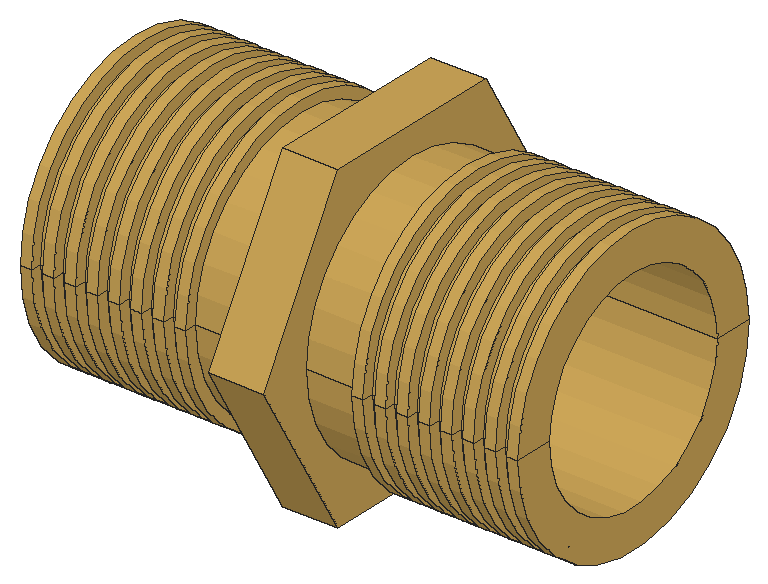
Revit family "Supply_System-Fittings-Golan_Plastic_Products-PEXGOL_IS-Nipple-00", category Pipe Fittings, Revit 2015
Parameters (values of type "3/4"")
  URL = "https://golanplastic.com/%D7%A4%D7%A7%D7%A1%D7%92%D7%95%D7%9C-is/"
  Thread_OR [instance] = Thread / 2  # 9.525 mm
  Thread = 19.050 mm
  TdR = "Supply_System-Fittings-Golan_Plastic_Products-PEXGOL_IS-Nipple-00"  # constant formula
  R [instance] = size_lookup(TdR, "D", 0.000 mm, Thread) / 2  # 13.000 mm
  Manufacturer = "Golan Plastic Product Ltd."  # constant formula
  Price [instance] = size_lookup(TdR, "PRICE", 0, Thread)  # 9.1
  Part Number [instance] = size_lookup(TdR, "", "0", Thread)  # "55410711"
  Maximum Temperature [instance] = 95 °C  # constant formula
  Maximum Pressure [instance] = 10 bar  # constant formula
  Material [instance] = "**"  # constant formula
  Israel Standard [instance] = "SI 5433"  # constant formula
  H [instance] = size_lookup(TdR, "H", 0.000 mm, Thread)  # 29.000 mm
  Dimension [instance] = if(Thread = 12.700 mm, "1/2''", if(Thread = 19.050 mm, "3/4''", if(Thread = 25.400 mm, "1''", "Not present in our catalog")))  # "3/4''"
Types (3, lengths in mm): name | Thread_OR | Thread | R | Price | Part Number | H | Dimension
  1/2" | 6.350 | 12.700 | 10.500 | 5.2 | "55410511" | 29.000 | "1/2''"
  3/4" | 9.525 | 19.050 | 13.000 | 9.1 | "55410711" | 29.000 | "3/4''"
  1" | 12.700 | 25.400 | 16.500 | 16.3 | "55431011" | 36.000 | "1''"
Reference planes
  plane 1 "Centro (Fronte/Retro)": y = 0
  plane 2: z = 0
  plane 3 "Centro (Sinistra/Destra)": x = 0
Forms (mm)
  Revolve 1, solid, material "Brass made in Finland"
    sketch origin (-13, 0, 0) x (0, -1, 0) y (1, 0, 0)
      loop
        line (-13, 35.5) -> (-13, 34.5) -> (-12, 34.5) -> (-12, 33.5) -> (-13, 33.5) -> (-13, 32.5) -> (-12, 32.5) -> (-12, 31.5) -> (-13, 31.5) -> (-13, 30.5) -> (-12, 30.5) -> (-12, 29.5) -> (-13, 29.5) -> (-13, 28.5) -> (-12, 28.5) -> (-12, 27.5) -> (-13, 27.5) -> (-13, 26.5) -> (-12, 26.5) -> (-12, 25.5) -> (-13, 25.5) -> (-13, 24.5) -> (-12, 24.5) -> (-12, 23.5) -> (-13, 23.5) -> (-13, 22.5) -> (-12, 22.5) -> (-12, 21.5) -> (-13, 21.5) -> (-13, 20.5) -> (-12, 20.5) -> (-12, 15.5) -> (-9.525, 15.5) -> (-9.525, 35.5) -> (-13, 35.5)
      axis (0, 35.5) -> (0, 15.5)
    angle from 0 to 360
  Sweep 2, solid, material "Brass made in Finland"
    path origin (22.5, 0, 0) x (1, 0, 0) y (0, 1, 0)
      loop
        line (-20, 0) -> (-25, 0)
    profile origin (0, 0, 0) x (0, -1, 0) y (0, 0, 1)
      loop
        line (-8.372, 14.5) -> (-16.743, 0) -> (-8.372, -14.5) -> (8.372, -14.5) -> (16.743, 0) -> (8.372, 14.5) -> (-8.372, 14.5)
      loop
        circle (0, 0) r 9.525
  Revolve 3, solid, material "Brass made in Finland"
    sketch origin (13, 0, 0) x (0, -1, 0) y (-1, 0, 0)
      loop
        line (-13, 35.5) -> (-13, 34.5) -> (-12, 34.5) -> (-12, 33.5) -> (-13, 33.5) -> (-13, 32.5) -> (-12, 32.5) -> (-12, 31.5) -> (-13, 31.5) -> (-13, 30.5) -> (-12, 30.5) -> (-12, 29.5) -> (-13, 29.5) -> (-13, 28.5) -> (-12, 28.5) -> (-12, 27.5) -> (-13, 27.5) -> (-13, 26.5) -> (-12, 26.5) -> (-12, 25.5) -> (-13, 25.5) -> (-13, 24.5) -> (-12, 24.5) -> (-12, 23.5) -> (-13, 23.5) -> (-13, 22.5) -> (-12, 22.5) -> (-12, 21.5) -> (-13, 21.5) -> (-13, 20.5) -> (-12, 20.5) -> (-12, 15.5) -> (-9.525, 15.5) -> (-9.525, 35.5) -> (-13, 35.5)
      axis (0, 35.5) -> (0, 15.5)
    angle from 0 to 360
Dimensions and locks
  Revolve 1 sketch curve to Revolve 1 sketch curve to Revolve 1 sketch curve to Revolve 1 sketch curve to Revolve 1 sketch curve to Revolve 1 sketch curve to Revolve 1 sketch curve to Revolve 1 sketch curve to Revolve 1 sketch curve to Revolve 1 sketch curve to Revolve 1 sketch curve to Revolve 1 sketch curve to Revolve 1 sketch curve to Revolve 1 sketch curve to Revolve 1 sketch curve to Revolve 1 sketch curve = 1.000 mm locked, 1.000 mm locked, 1.000 mm locked, 1.000 mm locked, 1.000 mm locked, 1.000 mm locked, 1.000 mm locked, 1.000 mm locked, 1.000 mm locked, 1.000 mm locked, 1.000 mm locked, 1.000 mm locked, 1.000 mm locked, 1.000 mm locked, 1.000 mm locked
  "Thread_OR": Revolve 1 sketch curve to Revolve 1 sketch curve
  locked: Revolve 1 sketch curve to Revolve 1 sketch curve at 1
  equal spacing: Sweep 2 sketch curve, plane 1 "Centro (Fronte/Retro)", Sweep 2 sketch curve
  equal spacing: Sweep 2 sketch curve, profile plane, Sweep 2 sketch curve  (x2)
  "H": Sweep 2 sketch curve to Sweep 2 sketch curve  (x3)
  "R": plane 1 "Centro (Fronte/Retro)" to Revolve 1 sketch curve
  Revolve 3 sketch curve to Revolve 3 sketch curve to Revolve 3 sketch curve to Revolve 3 sketch curve to Revolve 3 sketch curve to Revolve 3 sketch curve to Revolve 3 sketch curve to Revolve 3 sketch curve to Revolve 3 sketch curve to Revolve 3 sketch curve to Revolve 3 sketch curve to Revolve 3 sketch curve to Revolve 3 sketch curve to Revolve 3 sketch curve to Revolve 3 sketch curve to Revolve 3 sketch curve = 1.000 mm locked, 1.000 mm locked, 1.000 mm locked, 1.000 mm locked, 1.000 mm locked, 1.000 mm locked, 1.000 mm locked, 1.000 mm locked, 1.000 mm locked, 1.000 mm locked, 1.000 mm locked, 1.000 mm locked, 1.000 mm locked, 1.000 mm locked, 1.000 mm locked
  "Thread_OR": Revolve 3 sketch curve to Revolve 3 sketch curve
  locked: Revolve 3 sketch curve to Revolve 3 sketch curve at 1
  "R": plane 1 "Centro (Fronte/Retro)" to Revolve 3 sketch curve
  "Thread": diameter of Sweep 2 sketch curve
  angle Sweep 2 sketch curve to Sweep 2 sketch curve = 120.00°  (x6)
  aligned and locked: level to plane 2
  aligned and locked: Revolve 1 sketch curve to Revolve 1 sketch curve  (x12)
  aligned and locked: Revolve 1 to Sweep 2 sketch curve
  aligned and locked: Revolve 3 sketch curve to Revolve 3 sketch curve  (x12)
Automatic sketch dimensions
  plane 1 "Centro (Fronte/Retro)" to Revolve 1 sketch curve = 0.000 mm
  Revolve 1 sketch curve to Revolve 1 sketch curve = 1.000 mm  (x2)
  plane 3 "Centro (Sinistra/Destra)" to Revolve 1 sketch curve = 2.500 mm
  Revolve 1 sketch curve to Revolve 1 sketch curve = 5.000 mm
  Revolve 1 sketch curve to plane 3 "Centro (Sinistra/Destra)" = 13.000 mm
  Revolve 1 sketch curve to Revolve 1 sketch curve = 20.000 mm
  plane 1 "Centro (Fronte/Retro)" to Sweep 2 sketch curve = 0.000 mm
  Sweep 2 sketch curve to plane 3 "Centro (Sinistra/Destra)" = 2.500 mm
  plane 1 "Centro (Fronte/Retro)" to Revolve 3 sketch curve = 0.000 mm
  Revolve 3 sketch curve to Revolve 3 sketch curve = 1.000 mm  (x2)
  plane 3 "Centro (Sinistra/Destra)" to Revolve 3 sketch curve = 2.500 mm
  Revolve 3 sketch curve to Revolve 3 sketch curve = 5.000 mm
  Revolve 3 sketch curve to plane 3 "Centro (Sinistra/Destra)" = 13.000 mm
  Revolve 3 sketch curve to Revolve 3 sketch curve = 20.000 mm
  Sweep 2 sketch curve to level = 0.000 mm
  Sweep 2 sketch curve to profile plane = 0.000 mm
Connectors
  piping at (22.5, 0, 0), diameter 19.05, driven by "Thread"
    settings: on Revolve 1, index 1, connector inside diameter 609.600 mm, connector length 0.000 mm, flow factor 0, pipe flow 0.0 L/s, pressure drop 0 bar, fitting loss kfactor 0, connector angle 0.00°, fixture units 0, engagement length 0.000 mm, angle of deflection 0.00°, flow configuration 0, flow direction 0, fitting loss method 0, system type 28, joint type 0, gender type 0, connector reference index 2, connector utility 0, adjustable connector no, is connector primary yes, connector description ""
  piping at (-22.5, 0, 0), diameter 19.05, driven by "Thread"
    settings: on Revolve 3, index 2, connector inside diameter 609.600 mm, connector length 0.000 mm, flow factor 0, pipe flow 0.0 L/s, pressure drop 0 bar, fitting loss kfactor 0, connector angle 0.00°, fixture units 0, engagement length 0.000 mm, angle of deflection 0.00°, flow configuration 0, flow direction 0, fitting loss method 0, system type 28, joint type 0, gender type 0, connector reference index 1, connector utility 0, adjustable connector no, is connector primary no, connector description ""
